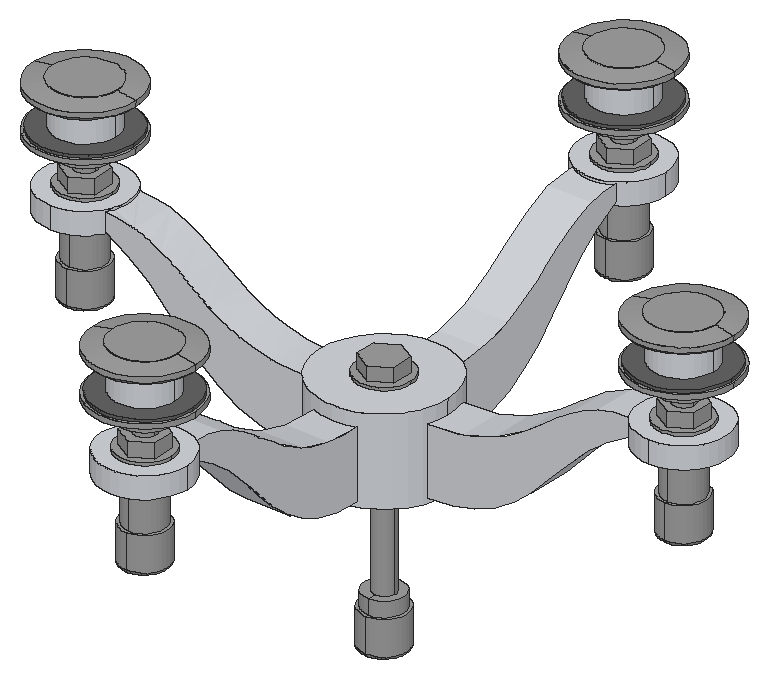
Revit family "SPIDER FITTING CURVED 4 POST 2012", category Generic Models, Revit 2012
Reference planes (in)
  plane 1 "Center (Front/Back)": y = 0
  plane 2: z = 0
  plane 3 "Center (Left/Right)": x = 0
  plane 4: y = 0.50632
  plane 5: y = -0.50632
  plane 6: x = -1.41196
  plane 7: y = 1.41421
Forms (in)
  Extrusion 1, solid
    sketch origin (0, 0, 0) x (1, 0, 0) y (0, 1, 0)
      loop
        circle (0, 0) r 1.5
    from 0 to 2
  Extrusion 2, solid
    sketch origin (0.00006, 0.00632, 0) x (0, 1, 0) y (-1, 0, 0)
      loop
        circle (0, 7) r 1
    from 3 to 3.5
  Extrusion 3, solid
    sketch origin (0.00006, 0.00632, -0.02493) x (-1, 0, 0) y (0, 0, 1)
      loop
        line (6.1544, 3.09648) -> (6.1544, 3.48218)
        spline (6.1544, 3.48218) -> (5.66923, 3.44898) -> (5.22692, 3.31807) -> (4.81919, 3.11675) -> (4.43775, 2.87231) -> (4.07433, 2.61206) -> (3.72066, 2.3633) -> (3.3687, 2.14996) -> (3.01184, 1.97799) -> (2.64391, 1.84739) -> (2.25874, 1.75816) -> (1.85016, 1.71029) -> (1.41202, 1.70378)
        line (1.41202, 1.70378) -> (1.41202, 0.13311)
        spline (1.41202, 0.13311) -> (1.90837, 0.161) -> (2.36433, 0.24853) -> (2.78492, 0.39228) -> (3.17517, 0.58884) -> (3.54011, 0.83479) -> (3.88476, 1.12671) -> (4.21601, 1.45819) -> (4.54693, 1.81292) -> (4.89187, 2.1725) -> (5.26519, 2.51854) -> (5.68125, 2.83267) -> (6.1544, 3.09648)
    from -0.51264 to 0.5
  Extrusion 4, void
    sketch origin (0.0045, -0.0213, 0) x (-1, 0, 0) y (0, -1, 0)
      loop
        circle (7.00445, -0.02762) r 0.375
    from 3 to 3.5
  Extrusion 5, void
    sketch origin (7, 0, 0) x (1, 0, 0) y (0, 1, 0)
      loop
        circle (-6.99994, -0.01498) r 0.5
    from 0 to 2
  Extrusion 6, solid, not visible
    sketch origin (0.00006, 0.00632, 0) x (0, 1, 0) y (-1, 0, 0)
      loop
        circle (0, 7) r 1
    from 3 to 3.5
  Extrusion 7, solid, not visible
    sketch origin (0.00006, 0.00632, -0.02493) x (-1, 0, 0) y (0, 0, 1)
      loop
        line (6.1544, 3.09648) -> (6.1544, 3.48218)
        spline (6.1544, 3.48218) -> (5.66923, 3.44898) -> (5.22692, 3.31807) -> (4.81919, 3.11675) -> (4.43775, 2.87231) -> (4.07433, 2.61206) -> (3.72066, 2.3633) -> (3.3687, 2.14996) -> (3.01184, 1.97799) -> (2.64391, 1.84739) -> (2.25874, 1.75816) -> (1.85016, 1.71029) -> (1.41202, 1.70378)
        line (1.41202, 1.70378) -> (1.41202, 0.13311)
        spline (1.41202, 0.13311) -> (1.90837, 0.161) -> (2.36433, 0.24853) -> (2.78492, 0.39228) -> (3.17517, 0.58884) -> (3.54011, 0.83479) -> (3.88476, 1.12671) -> (4.21601, 1.45819) -> (4.54693, 1.81292) -> (4.89187, 2.1725) -> (5.26519, 2.51854) -> (5.68125, 2.83267) -> (6.1544, 3.09648)
    from -0.51264 to 0.5
  Extrusion 8, void, not visible
    sketch origin (0.0045, -0.0213, 0) x (-1, 0, 0) y (0, -1, 0)
      loop
        circle (7.00445, -0.02762) r 0.375
    from 3 to 3.5
  Extrusion 9, solid
    sketch origin (-0.00445, 0.00632, 0) x (0, 1, 0) y (-1, 0, 0)
      loop
        circle (0, -7.00439) r 1
    from 3 to 3.5
  Extrusion 10, solid
    sketch origin (-0.00445, 0.00632, -0.02493) x (-1, 0, 0) y (0, 0, 1)
      loop
        spline (-6.15879, 3.09648) -> (-5.68564, 2.83267) -> (-5.26958, 2.51854) -> (-4.89626, 2.1725) -> (-4.55132, 1.81292) -> (-4.2204, 1.45819) -> (-3.88915, 1.12671) -> (-3.5445, 0.83479) -> (-3.17956, 0.58884) -> (-2.78931, 0.39228) -> (-2.36872, 0.24853) -> (-1.91276, 0.161) -> (-1.41641, 0.13311)
        line (-1.41641, 0.13311) -> (-1.41641, 1.70378)
        spline (-1.41641, 1.70378) -> (-1.85455, 1.71029) -> (-2.26313, 1.75816) -> (-2.6483, 1.84739) -> (-3.01623, 1.97799) -> (-3.37309, 2.14996) -> (-3.72505, 2.3633) -> (-4.07872, 2.61206) -> (-4.44214, 2.87231) -> (-4.82358, 3.11675) -> (-5.23131, 3.31807) -> (-5.67362, 3.44898) -> (-6.15879, 3.48218)
        line (-6.15879, 3.48218) -> (-6.15879, 3.09648)
    from -0.51264 to 0.5
  Extrusion 11, void
    sketch origin (0, -0.0213, 0) x (-1, 0, 0) y (0, -1, 0)
      loop
        circle (-6.99994, -0.02762) r 0.375
    from 3 to 3.5
  Extrusion 12, solid
    sketch origin (0, 0.00219, 0) x (1, 0, 0) y (0, 1, 0)
      loop
        circle (0, 7) r 1
    from 3 to 3.5
  Extrusion 13, solid
    sketch origin (0, 0.00219, -0.02493) x (0, 1, 0) y (0, 0, 1)
      loop
        line (6.1544, 3.09648) -> (6.1544, 3.48218)
        spline (6.1544, 3.48218) -> (5.66923, 3.44898) -> (5.22692, 3.31807) -> (4.81919, 3.11675) -> (4.43775, 2.87231) -> (4.07433, 2.61206) -> (3.72066, 2.3633) -> (3.3687, 2.14996) -> (3.01184, 1.97799) -> (2.64391, 1.84739) -> (2.25874, 1.75816) -> (1.85016, 1.71029) -> (1.41202, 1.70378)
        line (1.41202, 1.70378) -> (1.41202, 0.13311)
        spline (1.41202, 0.13311) -> (1.90837, 0.161) -> (2.36433, 0.24853) -> (2.78492, 0.39228) -> (3.17517, 0.58884) -> (3.54011, 0.83479) -> (3.88476, 1.12671) -> (4.21601, 1.45819) -> (4.54693, 1.81292) -> (4.89187, 2.1725) -> (5.26519, 2.51854) -> (5.68125, 2.83267) -> (6.1544, 3.09648)
    from -0.51264 to 0.5
  Extrusion 14, void
    sketch origin (-0.02762, -0.00225, 0) x (0, 1, 0) y (-1, 0, 0)
      loop
        circle (7.00445, -0.02762) r 0.375
    from 3 to 3.5
  Extrusion 15, solid
    sketch origin (0, 0.00219, 0) x (1, 0, 0) y (0, 1, 0)
      loop
        circle (0, -7.00439) r 1
    from 3 to 3.5
  Extrusion 16, solid
    sketch origin (0, 0.00219, -0.02493) x (0, 1, 0) y (0, 0, 1)
      loop
        spline (-6.15879, 3.09648) -> (-5.68564, 2.83267) -> (-5.26958, 2.51854) -> (-4.89626, 2.1725) -> (-4.55132, 1.81292) -> (-4.2204, 1.45819) -> (-3.88915, 1.12671) -> (-3.5445, 0.83479) -> (-3.17956, 0.58884) -> (-2.78931, 0.39228) -> (-2.36872, 0.24853) -> (-1.91276, 0.161) -> (-1.41641, 0.13311)
        line (-1.41641, 0.13311) -> (-1.41641, 1.70378)
        spline (-1.41641, 1.70378) -> (-1.85455, 1.71029) -> (-2.26313, 1.75816) -> (-2.6483, 1.84739) -> (-3.01623, 1.97799) -> (-3.37309, 2.14996) -> (-3.72505, 2.3633) -> (-4.07872, 2.61206) -> (-4.44214, 2.87231) -> (-4.82358, 3.11675) -> (-5.23131, 3.31807) -> (-5.67362, 3.44898) -> (-6.15879, 3.48218)
        line (-6.15879, 3.48218) -> (-6.15879, 3.09648)
    from -0.51264 to 0.5
  Extrusion 17, void
    sketch origin (-0.02762, -0.00225, 0) x (0, 1, 0) y (-1, 0, 0)
      loop
        circle (-6.99994, -0.02762) r 0.375
    from 3 to 3.5
Cuts and joins
  Extrusion 5, Extrusion 11, Extrusion 14 cuts Extrusion 1
  Extrusion 4, Extrusion 5, Extrusion 11, Extrusion 14 cuts Extrusion 2
  Extrusion 5, Extrusion 11, Extrusion 14 cuts Extrusion 3
  joined: Extrusion 1, Extrusion 2, Extrusion 3
  Extrusion 11 cuts Extrusion 9
  Extrusion 14, Extrusion 17 cuts Extrusion 12
  Extrusion 17 cuts Extrusion 15
Dimensions and locks (in)
  cut or joined group of Extrusion 1, Extrusion 2, Extrusion 3, Extrusion 4, Extrusion 5, Extrusion 11, Extrusion 14 to nested 1 = 0' - 5 1/2"
  aligned and locked: plane 2 to level
Nested families (in)
  nested 1: "crl hrf14bs cap fastener with thickness variable" at (-6.99994, 0.00632, 5.5), type "crl hrf14bs cap fastener with thickness variable"
    with washer yes, nut cap yes, coupling yes, bolt yes
  nested 2: "crl hrf14bs cap fastener with thickness variable" at (6.99994, 0.00632, 5.5) x (-1, 0, 0) z (0, 0, 1), type "crl hrf14bs cap fastener with thickness variable"
    with washer yes, nut cap yes, coupling yes, bolt yes
  nested 3: "crl hrf14bs cap fastener with thickness variable" at (0, 7.00627, 5.5), type "crl hrf14bs cap fastener with thickness variable"
    with washer yes, nut cap yes, coupling yes, bolt yes
  nested 4: "crl hrf14bs cap fastener with thickness variable" at (0, -7.00627, 5.5), type "crl hrf14bs cap fastener with thickness variable"
    with washer yes, nut cap yes, coupling yes, bolt yes
  nested 5: "spider fitting center bolt" at (0, 0, 4), type "spider fitting center bolt"
    with washer yes, nut cap yes, coupling yes, bolt yes, BASE MATERIAL THICKNESS 0' - 4.51749"
Definition of nested family "crl hrf14bs cap fastener with thickness variable"
  Parameters (values of type "crl hrf14bs cap fastener with thickness variable")
    washer [instance] = yes
    system depth = 0' - 2"
    nut cap [instance] = yes
    glass thickness = 0' - 0 3/4"
    coupling [instance] = yes
    bolt [instance] = yes
    base material thickness = 0' - 1.171"
  Reference planes (in)
    plane 1 "Center (Front/Back)": y = 0
    plane 2: z = 0
    plane 3 "Center (Left/Right)": x = 0
    plane 4: z = -0.81
    plane 5: z = 0.17328
    plane 6: z = 0.25531
    plane 7: z = -0.92328
    plane 8: z = -1.00531
    plane 9: z = 0.06
    plane 10: z = -2
    plane 11: z = 0
    plane 12: z = -0.75
    plane 13: z = -4.351
    plane 14: z = -3.521
    plane 15: z = -3.18
    plane 16: z = 0.10431
    plane 17: z = -0.21669
    plane 18: z = -1.31969
    plane 19: z = -0.404
    plane 20: z = -3.993
  Forms (in)
    Blend 1, solid, material "stainless steel"
      base sketch origin (0, 0, 0) x (1, 0, 0) y (0, 1, 0)
        loop
          circle (0, 0) r 1.1875
      top sketch origin (0, 0, 0) x (1, 0, 0) y (0, 1, 0)
        loop
          circle (0, 0) r 0.75
      from 0.17328 to 0.25531
    Extrusion 2, solid, material "stainless steel"
      sketch origin (0, 0, 0) x (1, 0, 0) y (0, 1, 0)
        loop
          circle (0, 0) r 1.1875
      from 0.06 to 0.17328
    Extrusion 3, solid, material "pvc"
      sketch origin (0, 0, 0) x (1, 0, 0) y (0, 1, 0)
        loop
          circle (0, 0) r 1.12606
      from 0.06 to 0
    Extrusion 4, solid, material "pvc"
      sketch origin (0, 0, 0) x (1, 0, 0) y (0, 1, 0)
        loop
          circle (0, 0) r 1.12606
      from -0.75 to -0.81
    Extrusion 5, solid, material "stainless steel"
      sketch origin (0, 0, 0) x (1, 0, 0) y (0, 1, 0)
        loop
          circle (0, 0) r 1.1875
      from -0.92328 to -0.81
    Blend 6, solid, material "stainless steel"
      base sketch origin (0, 0, 0) x (1, 0, 0) y (0, 1, 0)
        loop
          circle (0, 0) r 1.1875
      top sketch origin (0, 0, 0) x (1, 0, 0) y (0, 1, 0)
        loop
          circle (0, 0) r 0.75
      from -0.92328 to -1.00531
    Extrusion 7, solid, material "stainless steel"
      sketch origin (0, 0, 0) x (1, 0, 0) y (0, 1, 0)
        loop
          circle (0, 0) r 0.25
      from -0.404 to -3.993
    Extrusion 8, solid, material "stainless steel", visible <- "bolt"
      sketch origin (0, 0, 0) x (1, 0, 0) y (0, 1, 0)
        loop
          line (0, 0.5) -> (-0.43301, 0.25) -> (-0.43301, -0.25) -> (0, -0.5) -> (0.43301, -0.25) -> (0.43301, 0.25) -> (0, 0.5)
      from -1.93827 to -1.61022
    Extrusion 9, solid, material "stainless steel", visible <- "washer"
      sketch origin (0, 0, 0) x (1, 0, 0) y (0, 1, 0)
        loop
          circle (0, 0) r 0.62492
      from -1.93827 to -2
    Extrusion 10, solid
      sketch origin (0, 0, 0) x (1, 0, 0) y (0, 1, 0)
        loop
          circle (0, 0) r 0.659
        loop
          circle (0, 0) r 0.706
      from -0.75 to 0
    Revolve 11, solid, material "stainless steel", visible <- "nut cap"
      sketch origin (0, 0, 0) x (0, 1, 0) y (0, 0, 1)
        loop
          line (0, -3.18) -> (0, -4.351) -> (0.49094, -4.351)
          arc (0.49094, -4.351) -> (0.51856, -4.33956) -> (0.53, -4.31194) r 0.03906
          line (0.53, -4.31194) -> (0.53, -3.521) -> (0.4575, -3.521) -> (0.4575, -3.18) -> (0, -3.18)
        axis (0, -3.18) -> (0, -4.351)
      angle from 0 to 360
    Blend 12, solid, material "stainless steel", visible <- "coupling"
      base sketch origin (0, 0, 0) x (1, 0, 0) y (0, 1, 0)
        loop
          circle (0, 0) r 0.6495
      top sketch origin (0, 0, 0) x (1, 0, 0) y (0, 1, 0)
        loop
          circle (0, 0) r 0.75
      from 0.10431 to 0.25531
    Extrusion 13, solid, material "stainless steel", visible <- "coupling"
      sketch origin (0, 0, 0) x (1, 0, 0) y (0, 1, 0)
        loop
          circle (0, 0) r 0.6495
      from -0.21669 to 0.10431
    Extrusion 14, solid, material "stainless steel", visible <- "coupling"
      sketch origin (0, 0, 0) x (1, 0, 0) y (0, 1, 0)
        loop
          circle (0, 0) r 0.597
      from -1.31969 to -0.21669
  Cuts and joins
    joined: Blend 1, Extrusion 2
    joined: Blend 12, Extrusion 13, Extrusion 14
    joined: Extrusion 5, Blend 6
  Dimensions and locks (in)
    "glass thickness": level to plane 12
    "system depth": level to plane 10
    locked: Extrusion 9 to plane 10 at 0.06173
    locked: Extrusion 8 to Extrusion 9 at 0.32805
    locked: plane 12 to plane 4 at 0.06
    locked: plane 4 to plane 7 at 0.11328
    locked: plane 8 to plane 7 at 0.08203
    "base material thickness": plane 15 to plane 13
    locked: plane 6 to plane 18 at 1.575
    plane 11 to plane 19 = 0' - 0.404"
    aligned and locked: plane 2 to level
    aligned and locked: plane 6 to Blend 1
    aligned and locked: Blend 1 to plane 5
    aligned and locked: Extrusion 2 to Blend 1
    aligned and locked: Extrusion 2 to plane 9
    aligned and locked: Extrusion 3 to cut or joined group of Blend 1, Extrusion 2
    aligned and locked: Extrusion 3 to level
    aligned and locked: plane 12 to Extrusion 4
    aligned and locked: Extrusion 4 to plane 4
    aligned and locked: Extrusion 5 to Extrusion 4
    aligned and locked: Extrusion 5 to plane 7
    aligned and locked: Blend 6 to plane 7
    aligned and locked: Blend 6 to plane 8
    aligned and locked: Extrusion 9 to plane 10
    aligned and locked: Extrusion 8 to Extrusion 9
    aligned and locked: Extrusion 10 to Extrusion 4
    aligned and locked: level to Extrusion 10
    aligned and locked: Blend 12 to cut or joined group of Blend 1, Extrusion 2
    aligned and locked: Blend 12 to plane 16
    aligned and locked: Extrusion 13 to plane 17
    aligned and locked: Extrusion 13 to Blend 12
    aligned and locked: Extrusion 14 to plane 18
    aligned and locked: Extrusion 14 to Extrusion 13
    aligned and locked: plane 19 to Extrusion 7
    aligned and locked: Extrusion 7 to plane 20
  Automatic sketch dimensions
    plane 1 "Center (Front/Back)" to Blend 1 sketch curve = 0' - 0"  (x2)
    Blend 1 sketch curve to plane 3 "Center (Left/Right)" = 0' - 0"  (x2)
    plane 1 "Center (Front/Back)" to Extrusion 2 sketch curve = 0' - 0"
    Extrusion 2 sketch curve to plane 3 "Center (Left/Right)" = 0' - 0"
    plane 1 "Center (Front/Back)" to Extrusion 3 sketch curve = 0' - 0"
    Extrusion 3 sketch curve to plane 3 "Center (Left/Right)" = 0' - 0"
    plane 1 "Center (Front/Back)" to Extrusion 4 sketch curve = 0' - 0"
    Extrusion 4 sketch curve to plane 3 "Center (Left/Right)" = 0' - 0"
    plane 1 "Center (Front/Back)" to Extrusion 5 sketch curve = 0' - 0"
    Extrusion 5 sketch curve to plane 3 "Center (Left/Right)" = 0' - 0"
    plane 1 "Center (Front/Back)" to Blend 6 sketch curve = 0' - 0"  (x2)
    Blend 6 sketch curve to plane 3 "Center (Left/Right)" = 0' - 0"  (x2)
    plane 1 "Center (Front/Back)" to Extrusion 7 sketch curve = 0' - 0"
    Extrusion 7 sketch curve to plane 3 "Center (Left/Right)" = 0' - 0"
    Extrusion 8 sketch curve to plane 3 "Center (Left/Right)" = 0' - 0"  (x2)
    Extrusion 8 sketch curve to plane 3 "Center (Left/Right)" = 0' - 0.43301"
    plane 3 "Center (Left/Right)" to Extrusion 8 sketch curve = 0' - 0.43301"
    plane 1 "Center (Front/Back)" to Extrusion 8 sketch curve = 0' - 0 1/2"
    plane 1 "Center (Front/Back)" to Extrusion 8 sketch curve = 0' - 0 1/4"  (x2)
    Extrusion 8 sketch curve to plane 1 "Center (Front/Back)" = 0' - 0 1/4"  (x2)
    Extrusion 8 sketch curve to plane 1 "Center (Front/Back)" = 0' - 0 1/2"
    plane 1 "Center (Front/Back)" to Extrusion 9 sketch curve = 0' - 0"
    Extrusion 9 sketch curve to plane 3 "Center (Left/Right)" = 0' - 0"
    Extrusion 10 sketch curve to Extrusion 10 sketch curve = 0' - 0"  (x2)
    plane 1 "Center (Front/Back)" to Extrusion 10 sketch curve = 0' - 0"
    Extrusion 10 sketch curve to plane 3 "Center (Left/Right)" = 0' - 0"
    Revolve 11 sketch curve to plane 1 "Center (Front/Back)" = 0' - 0"  (x2)
    Revolve 11 sketch curve to plane 15 = 0' - 0"
    Revolve 11 sketch curve to plane 14 = 0' - 0"
    Revolve 11 sketch curve to plane 13 = 0' - 0"
    Revolve 11 sketch curve to plane 1 "Center (Front/Back)" = 0' - 0.4575"
    Revolve 11 sketch curve to plane 1 "Center (Front/Back)" = 0' - 0.49094"
    Revolve 11 sketch curve to Revolve 11 sketch curve = 0' - 0.0725"
    Revolve 11 sketch curve to plane 13 = 0' - 0.30691"
    Revolve 11 sketch curve to Revolve 11 sketch curve = 0' - 0.218"
    plane 1 "Center (Front/Back)" to Blend 12 sketch curve = 0' - 0"  (x2)
    Blend 12 sketch curve to plane 3 "Center (Left/Right)" = 0' - 0"  (x2)
    plane 1 "Center (Front/Back)" to Extrusion 13 sketch curve = 0' - 0"
    Extrusion 13 sketch curve to plane 3 "Center (Left/Right)" = 0' - 0"
    plane 1 "Center (Front/Back)" to Extrusion 14 sketch curve = 0' - 0"
    Extrusion 14 sketch curve to plane 3 "Center (Left/Right)" = 0' - 0"
    radius of Blend 1 sketch curve = 0' - 1 3/16"
    radius of Blend 1 sketch curve = 0' - 0 3/4"
    radius of Extrusion 2 sketch curve = 0' - 1 3/16"
    radius of Extrusion 3 sketch curve = 0' - 1.12606"
    radius of Extrusion 4 sketch curve = 0' - 1.12606"
    radius of Extrusion 5 sketch curve = 0' - 1 3/16"
    radius of Blend 6 sketch curve = 0' - 1 3/16"
    radius of Blend 6 sketch curve = 0' - 0 3/4"
    radius of Extrusion 7 sketch curve = 0' - 0 1/4"
    radius of Extrusion 9 sketch curve = 0' - 0.62492"
    radius of Extrusion 10 sketch curve = 0' - 0.659"
    radius of Extrusion 10 sketch curve = 0' - 0.706"
    radius of Blend 12 sketch curve = 0' - 0.6495"
    radius of Blend 12 sketch curve = 0' - 0 3/4"
    radius of Extrusion 13 sketch curve = 0' - 0.6495"
    radius of Extrusion 14 sketch curve = 0' - 0.597"
Definition of nested family "spider fitting center bolt"
  Parameters (values of type "spider fitting center bolt")
    washer [instance] = yes
    nut cap [instance] = yes
    coupling [instance] = yes
    bolt [instance] = yes
    BASE MATERIAL THICKNESS [instance] = 0' - 1.18"
  Reference planes (in)
    plane 1 "Center (Front/Back)": y = 0
    plane 2: z = 0
    plane 3 "Center (Left/Right)": x = 0
    plane 4: z = -2
    plane 5: z = -4.351
    plane 6: z = -3.521
    plane 7: z = -3.18
    plane 8: z = -3.993
  Forms (in)
    Extrusion 1, solid, material "stainless steel"
      sketch origin (0, 0, 0) x (1, 0, 0) y (0, 1, 0)
        loop
          circle (0, 0) r 0.25
      from -2 to -3.993
    Extrusion 2, solid, material "stainless steel", visible <- "bolt"
      sketch origin (0, 0, 0) x (1, 0, 0) y (0, 1, 0)
        loop
          line (0, 0.5) -> (-0.43301, 0.25) -> (-0.43301, -0.25) -> (0, -0.5) -> (0.43301, -0.25) -> (0.43301, 0.25) -> (0, 0.5)
      from -1.93827 to -1.61022
    Extrusion 3, solid, material "stainless steel", visible <- "washer"
      sketch origin (0, 0, 0) x (1, 0, 0) y (0, 1, 0)
        loop
          circle (0, 0) r 0.62492
      from -1.93827 to -2
    Revolve 4, solid, material "stainless steel", visible <- "nut cap"
      sketch origin (0, 0, 0) x (0, 1, 0) y (0, 0, 1)
        loop
          line (0, -3.18) -> (0, -4.351) -> (0.49094, -4.351)
          arc (0.49094, -4.351) -> (0.51856, -4.33956) -> (0.53, -4.31194) r 0.03906
          line (0.53, -4.31194) -> (0.53, -3.521) -> (0.4575, -3.521) -> (0.4575, -3.18) -> (0, -3.18)
        axis (0, -3.18) -> (0, -4.351)
      angle from 0 to 360
  Dimensions and locks (in)
    locked: Extrusion 3 to plane 4 at 0.06173
    locked: Extrusion 2 to Extrusion 3 at 0.32805
    locked: plane 7 to plane 5 at 1.171
    "BASE MATERIAL THICKNESS": plane 4 to plane 7
    locked: plane 7 to plane 6 at 0.341
    locked: plane 8 to plane 5 at 0.358
    aligned and locked: plane 2 to level
    aligned and locked: Extrusion 3 to plane 4
    aligned and locked: Extrusion 2 to Extrusion 3
    aligned and locked: Extrusion 1 to plane 8
  Automatic sketch dimensions
    plane 1 "Center (Front/Back)" to Extrusion 1 sketch curve = 0' - 0"
    Extrusion 1 sketch curve to plane 3 "Center (Left/Right)" = 0' - 0"
    Extrusion 2 sketch curve to plane 3 "Center (Left/Right)" = 0' - 0"  (x2)
    Extrusion 2 sketch curve to plane 3 "Center (Left/Right)" = 0' - 0.43301"
    plane 3 "Center (Left/Right)" to Extrusion 2 sketch curve = 0' - 0.43301"
    plane 1 "Center (Front/Back)" to Extrusion 2 sketch curve = 0' - 0 1/2"
    plane 1 "Center (Front/Back)" to Extrusion 2 sketch curve = 0' - 0 1/4"  (x2)
    Extrusion 2 sketch curve to plane 1 "Center (Front/Back)" = 0' - 0 1/4"  (x2)
    Extrusion 2 sketch curve to plane 1 "Center (Front/Back)" = 0' - 0 1/2"
    plane 1 "Center (Front/Back)" to Extrusion 3 sketch curve = 0' - 0"
    Extrusion 3 sketch curve to plane 3 "Center (Left/Right)" = 0' - 0"
    Revolve 4 sketch curve to plane 1 "Center (Front/Back)" = 0' - 0"  (x2)
    Revolve 4 sketch curve to plane 7 = 0' - 0"
    Revolve 4 sketch curve to plane 6 = 0' - 0"
    Revolve 4 sketch curve to plane 5 = 0' - 0"
    Revolve 4 sketch curve to plane 1 "Center (Front/Back)" = 0' - 0.4575"
    Revolve 4 sketch curve to plane 1 "Center (Front/Back)" = 0' - 0.49094"
    Revolve 4 sketch curve to Revolve 4 sketch curve = 0' - 0.0725"
    Revolve 4 sketch curve to plane 5 = 0' - 0.30691"
    Revolve 4 sketch curve to Revolve 4 sketch curve = 0' - 0.218"
    radius of Extrusion 1 sketch curve = 0' - 0 1/4"
    radius of Extrusion 3 sketch curve = 0' - 0.62492"
